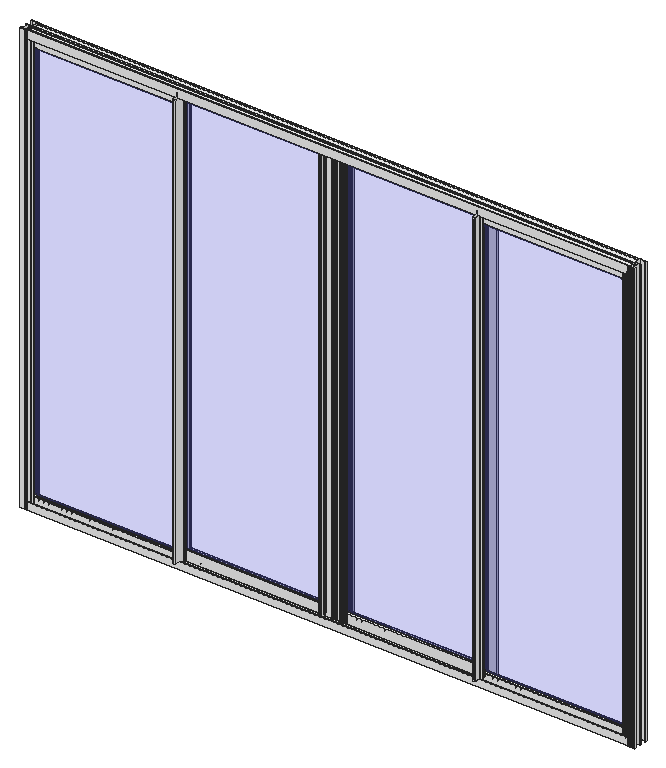
Revit family "700_OXXO_Custom", category Doors, host Wall, Revit 2014
Parameters (values of type "OXXO_Custom")
  Windload Design [instance] = if(Custom Windload < 1001 mm, 1000 mm, if(Custom Windload < 1501 mm, 1500 mm, 2000 mm))  # 1000 mm
  Width Sash Side [instance] = 751.7 mm
  Width Sash Middle [instance] = 751.7 mm
  Width [instance] = if(Custom Door Width < Limit Door Width Min, Limit Door Width Min, if(Custom Door Width > Limit Door Width Max, Limit Door Width Max, Custom Door Width))  # 2990 mm
  Wall Thickness [instance] = 200 mm
  URL = "http://www.crealco.co.za/crealco-products.php"
  Thermal Resistance (R) [instance] = if(and(Custom U Value > 0.5678, 1 / Custom U Value < 36.9087), Custom U Value, if(not(Custom U Value > 0.5678), 1 / 0.5679, 1 / 36.9086)) * 1.0000 (m²·K)/W  # 1.76087 (m²·K)/W
  Solar Heat Gain Coefficient [instance] = if(and(not(Custom SHGC Value < 0), not(Custom SHGC Value > 1)), Custom SHGC Value, if(Custom U Value < 0, 0, 1))  # 0
  Sash Width Middle [instance] = (Width - (20.7 mm * 2) - (2 * Sash Width Sides)) / 2 + 29.1 mm  # 751.7 mm
  Sash Width Sides [instance] = if(Equal Sash Width, (Width - (2 mm * 20.7)) / 4 + (29.1 mm / 2), if(Custom Sash Width Side < Limit Sash Width Side Min, Limit Sash Width Side Min, if(Custom Sash Width Side > Limit Sash Width Side Max, Limit Sash Width Side Max, Custom Sash Width Side)))  # 751.7 mm
  Sash Sliding Frame Seal = 5.1 mm  # constant formula
  Sash Height [instance] = Height - 22.2 mm - 20 mm  # 2047.8 mm
  Sash Frame Top Gap = 16 mm  # constant formula
  Sash Frame Side Gap = 10 mm  # constant formula
  Sash Frame Seal = 1.8 mm  # constant formula
  Overall Width [instance] = 2990 mm
  Overall Height [instance] = 2090 mm
  Model = "Series 700"  # constant formula
  Meeting Stile Configuration [instance] = if(Windload Design = 1000 mm, if(not(Width > 4190 mm), 1 mm, 2 mm), if(Windload Design = 1500 mm, 2 mm, 2 mm))  # 1 mm
  Max Pane Area [instance] = if(Area Middle Sash Glazing > Area Side Sash Glazing, Area Middle Sash Glazing, Area Side Sash Glazing)  # 1.37831 m²
  Manufacturer = "Crealco"  # constant formula
  Limit Door Width Min = (4 * Limit Sash Width Min) + (2 mm * 20.7) - (2 * 29.2 mm)  # 1183 mm
  Limit Door Width Max [instance] = if(Windload Design = 1000 mm, (4 * Limit Sash Width Max) + (2 mm * 20.7) - (2 * 29.2 mm), if(Windload Design = 1500 mm, (4 * Limit Sash Width Max) + (2 mm * 20.7) - (2 * 29.2 mm), 3590 mm))  # 5983 mm
  Limit Door Height Min = Limit Sash Height Min + (22.2 mm + 20 mm)  # 342.2 mm
  Limit Door Height Max = Limit Sash Height Max + (22.2 mm + 20 mm)  # 2142.2 mm
  Limit Sash Width Min = 300 mm  # constant formula
  Limit Sash Width Max = 1500 mm  # constant formula
  Limit Sash Width Side Min [instance] = if((Width - (2 mm * 20.7) - (2 * Limit Sash Width Max) + (2 * 29.2 mm)) / 2 < Limit Sash Width Min, Limit Sash Width Min, (Width - (2 mm * 20.7) - (2 * Limit Sash Width Max) + (2 * 29.2 mm)) / 2)  # 300 mm
  Limit Sash Width Side Max [instance] = if((Width - (2 mm * 20.7) - (2 * Limit Sash Width Min) + (2 * 29.2 mm)) / 2 > Limit Sash Width Max, Limit Sash Width Max, (Width - (2 mm * 20.7) - (2 * Limit Sash Width Min) + (2 mm * 29.2)) / 2)  # 1203.5 mm
  Limit Sash Height Min = 300 mm  # constant formula
  Limit Sash Height Max = 2100 mm  # constant formula
  Keynote = ""
  Interlock Configuration [instance] = if(Windload Design = 1000 mm, if(not(Width > 3990 mm), 2 mm, 3 mm), if(Windload Design = 1500 mm, 3 mm, 3 mm))  # 2 mm
  IGDB or SAGDB Number [instance] = 0
  Height Sash [instance] = 2047.8 mm
  Height [instance] = if(Custom Door Height < Limit Door Height Min, Limit Door Height Min, if(Custom Door Height > Limit Door Height Max, Limit Door Height Max, Custom Door Height))  # 2090 mm
  Heat Transfer Coefficient (U) [instance] = if(and(Custom U Value > 0.5678, Custom U Value < 36.9087), Custom U Value, if(not(Custom U Value > 0.5678), 0.5679, 36.9086)) * 1.0000 W/(m²·K)  # 0.5679 W/(m²·K)
  Glazing Thickness [instance] = if(IGDB or SAGDB Number = 100100, 6 mm, if(IGDB or SAGDB Number = 103200, 7 mm, if(IGDB or SAGDB Number = 1000016, 5 mm, if(not(Max Pane Area > 0.75 m²), 4 mm, if(not(Max Pane Area > 1.50 m²), 4 mm, if(not(Max Pane Area > 2.10 m²), 5 mm, if(not(Max Pane Area > 2.90 m²), 6.4 mm, if(not(Max Pane Area > 4.30 m²), 8 mm, 10 mm))))))))  # 4 mm
  Glazing Material [instance] = if(IGDB or SAGDB Number = 100100, "PFG INTRUDERPRUFE 6.38mm", if(IGDB or SAGDB Number = 103200, "PFG INTRUDERPRUFE LOW-E 7.38mm", if(IGDB or SAGDB Number = 1000016, "PFG TOUGHENED SAFETY GLASS 5mm", "Unknown")))  # "Unknown"
  Glazing Finish [instance] = Glass
  Glazing Code [instance] = if(IGDB or SAGDB Number = 100100, "LAM01", if(IGDB or SAGDB Number = 103200, "LAM01E", if(IGDB or SAGDB Number = 1000016, "TSG5", "Unknown")))  # "Unknown"
  Frame Thickness = 71.9 mm  # constant formula
  Frame Offset From Exterior [instance] = if(Centered In Wall, (Wall Thickness - Frame Thickness) / 2, Custom Frame Offset From Exterior)  # 64.05 mm
  Equal Sash Width [instance] = yes
  Description = "Sliding door, OXXO custom"  # constant formula
  Default Sill Height = 0 mm  # constant formula
  Wall Closure = By host
  Custom U Value [instance] = 0
  Custom SHGC Value [instance] = 0
  Custom Door Width [instance] = 2990 mm
  Custom Door Height [instance] = 2090 mm
  Custom Windload [instance] = 1000 mm
  Custom Sash Width Side [instance] = 800 mm
  Custom Frame Offset From Exterior [instance] = 0 mm
  Centered In Wall [instance] = yes
  Area Middle Sash Glazing [instance] = (Sash Width Middle - 52.3 mm - 19 mm) * (Sash Height - (41.5 mm * 2))  # 1.33685 m²
  Area Side Sash Glazing [instance] = (Sash Width Sides - 31.2 mm - 19 mm) * (Sash Height - (41.5 mm * 2))  # 1.37831 m²
  Aluminium Finish [instance] = White Powder Coated Aluminium ANP 1052
  All Available Glazing Numbers [instance] = "The rows below list the available glazing materials for this window:"  # constant formula
  103200 [instance] = "LAM01E"  # constant formula
  100100 [instance] = "LAM01"  # constant formula
  1000016 [instance] = "TSG5"  # constant formula
Reference planes
  plane 1 "Center (Front/Back)": y = 0
  plane 2 "Center (Left/Right)": x = 0
  plane 3 "Left": x = -1495
  plane 4 "Right": x = 1495
  plane 5 "Sill": z = 0
  plane 6 "Head": z = 2090
  plane 7 "Exterior": y = 100
  plane 8 "Interior": y = -100
Lines and regions (mm)
  Opening 1
    outline origin (3500, -100, 0) x (1, 0, 0) y (0, 0, 1)
      loop
        line (-2005, 0) -> (-2005, 2090) -> (-4995, 2090) -> (-4995, 0) -> (-2005, 0)
Text (mm)
  text "EXTERIOR" at (-1963.203, 1332.353, 0), in view "Ref. Level"
  text "INTERIOR" at (-1981.466, -818.386, 0), in view "Ref. Level"
  text "Exterior" at (0, 923.751, 2943.296), in view "Right"
  text "Exterior" at (0, 1040.484, 2685.409), in view "Left"
Dimensions and locks
  equal spacing: plane 3 "Left", plane 2 "Center (Left/Right)", plane 4 "Right"
  "Width": plane 3 "Left" to plane 4 "Right"
  "Height": plane 5 "Sill" to plane 6 "Head"
  "Default Sill Height": plane 5 "Sill" to level
  locked: plane 7 "Exterior" to host wall at 0
  locked: plane 8 "Interior" to host wall
  "Overall Height": plane 6 "Head" to plane 5 "Sill"
  "Overall Width": plane 3 "Left" to plane 4 "Right"
  "Frame Offset From Exterior": nested 1 to plane 7 "Exterior"
  "Sash Frame Side Gap": nested 1 to nested 2
  "Sash Frame Side Gap": nested 3 to nested 1
  "Sash Frame Seal": nested 1 to nested 3
  "Sash Frame Seal": nested 2 to nested 1
  "Sash Frame Top Gap": nested 3 to nested 1
  "Sash Frame Top Gap": nested 2 to nested 1
  "Sash Sliding Frame Seal": nested 4 to nested 1
  "Sash Frame Top Gap": nested 4 to nested 1
  "Sash Sliding Frame Seal": nested 1 to nested 5
  "Sash Frame Top Gap": nested 5 to nested 1
  "Width Sash Side": nested 3 to nested 3
  "Height Sash": nested 3 to nested 3
  "Width Sash Middle": nested 5 to nested 5
  "Wall Thickness": host wall to host wall
  aligned and locked: plane 4 "Right" to nested 1
  aligned and locked: plane 6 "Head" to nested 1
  aligned and locked: nested 4 to nested 2
  aligned and locked: nested 5 to nested 3
Automatic sketch dimensions
  plane 3 "Left" to Opening 1 sketch curve = 0 mm
  plane 4 "Right" to Opening 1 sketch curve = 0 mm
  Opening 1 sketch curve to plane 5 "Sill" = 0 mm
  Opening 1 sketch curve to plane 6 "Head" = 0 mm
Nested families
  nested 1: "700_Frame_OXXO_Cust" at (1544.802, -120.988, -40) x (-1, 0, 0) z (0, 0, 1), Profile Material <- "Aluminium Finish", Width <- "Width", Height <- "Height", type "700_Frame_OXXO_Cust"
    with Width 2990 mm, Profile Material White Powder Coated Aluminium ANP 1052, Length Jamb 2090 mm, Length Head & Sill 2928 mm, Height 2090 mm
  nested 2: "700_Sash_Fixed_OXXO_Cust" at (-1474.3, -29.7, 20.046) x (-1, 0, 0) z (0, 0, 1), Profile Material <- "Aluminium Finish", Glazing Material <- "Glazing Finish", Interlock Configuration <- "Interlock Configuration", Sash Height <- "Sash Height", Sash Width <- "Sash Width Sides", Glazing Thickness <- "Glazing Thickness", type "700_Sash_Fixed_OXXO_Cust"
    with Sash Width 751.7 mm, Sash Height 2047.8 mm, Right Sliding no, Profile Material White Powder Coated Aluminium ANP 1052, Length Sash Head & Sill 682.9 mm, Length Arrow Tip 65.768 mm, Length Arrow 217.033 mm, Left Sliding no, Is Sliding no, Is Heavy Duty Interlock yes, Is Extra Heavy Duty Interlock no, Interlock Configuration 2 mm, Glazing Width 701.5 mm, Glazing Thickness 4 mm, Glazing Start -2 mm, Glazing Material Glass, Glazing Height 1964.8 mm, Glazing End 2 mm, Extra Heavy Duty Interlock Side Gap 723.7 mm, Arrow Tip Length 65.768 mm, Arrow Left Gap 267.333 mm, Arrow Bottom Gap 1023.9 mm
  nested 3: "700_Sash_Fixed_OXXO_Cust" at (1474.3, -29.7, 20.046), Profile Material <- "Aluminium Finish", Glazing Material <- "Glazing Finish", Interlock Configuration <- "Interlock Configuration", Sash Height <- "Sash Height", Sash Width <- "Sash Width Sides", Glazing Thickness <- "Glazing Thickness", type "700_Sash_Fixed_OXXO_Cust"
    with Sash Width 751.7 mm, Sash Height 2047.8 mm, Right Sliding no, Profile Material White Powder Coated Aluminium ANP 1052, Length Sash Head & Sill 682.9 mm, Length Arrow Tip 65.768 mm, Length Arrow 217.033 mm, Left Sliding no, Is Sliding no, Is Heavy Duty Interlock yes, Is Extra Heavy Duty Interlock no, Interlock Configuration 2 mm, Glazing Width 701.5 mm, Glazing Thickness 4 mm, Glazing Start -2 mm, Glazing Material Glass, Glazing Height 1964.8 mm, Glazing End 2 mm, Extra Heavy Duty Interlock Side Gap 723.7 mm, Arrow Tip Length 65.768 mm, Arrow Left Gap 267.333 mm, Arrow Bottom Gap 1023.9 mm
  nested 4: "700_Sash_Sliding_Female_OXXO_Cust" at (0, 29.45, 20.046), Profile Material <- "Aluminium Finish", Glazing Material <- "Glazing Finish", Meeting Stile Configuration <- "Meeting Stile Configuration", Interlock Configuration <- "Interlock Configuration", Glazing Thickness <- "Glazing Thickness", Sash Width <- "Sash Width Middle", Sash Height <- "Sash Height", type "700_Sash_Sliding_Female_OXXO_Cust"
    with Sash Width 751.7 mm, Sash Height 2047.8 mm, Right Sliding yes, Profile Material White Powder Coated Aluminium ANP 1052, Meeting Stile Configuration 1 mm, Length Sash Head & Sill 663.4 mm, Length Arrow Tip 65.768 mm, Length Arrow 217.033 mm, Left Sliding no, Is Sliding yes, Is Heavy Duty Meeting Stile yes, Is Heavy Duty Interlock yes, Is Extra Heavy Duty Meeting Stile no, Is Extra Heavy Duty Interlock no, Interlock Configuration 2 mm, Glazing Width 680.4 mm, Glazing Thickness 4 mm, Glazing Start -2 mm, Glazing Material Glass, Glazing Height 1964.8 mm, Glazing End 2 mm, Extra Heavy Duty Interlock Side Gap 723.7 mm, Arrow Tip Length 65.768 mm, Arrow Left Gap 267.333 mm, Arrow Bottom Gap 1023.9 mm
  nested 5: "700_Sash_Sliding_Male_OXXO_Cust" at (0, 29.45, 20.046) x (-1, 0, 0) z (0, 0, 1), Profile Material <- "Aluminium Finish", Glazing Material <- "Glazing Finish", Meeting Stile Configuration <- "Meeting Stile Configuration", Interlock Configuration <- "Interlock Configuration", Sash Width <- "Sash Width Middle", Sash Height <- "Sash Height", Glazing Thickness <- "Glazing Thickness", type "700_Sash_Sliding_Male_OXXO_Cust"
    with Sash Width 751.7 mm, Sash Height 2047.8 mm, Right Sliding yes, Profile Material White Powder Coated Aluminium ANP 1052, Meeting Stile Configuration 1 mm, Length Sash Head & Sill 663.4 mm, Length Arrow Tip 65.768 mm, Length Arrow 217.033 mm, Left Sliding no, Is Sliding yes, Is Heavy Duty Meeting Stile yes, Is Heavy Duty Interlock yes, Is Extra Heavy Duty Meeting Stile no, Is Extra Heavy Duty Interlock no, Interlock Configuration 2 mm, Glazing Width 680.4 mm, Glazing Thickness 4 mm, Glazing Start -2 mm, Glazing Material Glass, Glazing Height 1964.8 mm, Glazing End 2 mm, Extra Heavy Duty Interlock Side Gap 723.7 mm, Arrow Tip Length 65.768 mm, Arrow Left Gap 267.333 mm, Arrow Bottom Gap 1023.9 mm
Definition of nested family "700_Frame_OXXO_Cust"
  Parameters (values of type "700_Frame_OXXO")
    Width [instance] = 900 mm
    Profile Material [instance] = none
    Length Jamb [instance] = Height  # 600 mm
    Length Head & Sill [instance] = Width - 2 * 31 mm  # 838 mm
    Height [instance] = 600 mm
  Reference planes
    plane 1 "Center (Front/Back)": y = 0
    plane 2: z = 0
    plane 3 "Center (Left/Right)": x = 0
  Dimensions and locks
    aligned and locked: level to plane 2
    aligned and locked: nested 2 to nested 1
    aligned and locked: nested 1 to nested 2
    aligned and locked: nested 1 to nested 4  (x3)
    aligned and locked: nested 3 to nested 1
    aligned and locked: nested 3 to nested 4  (x2)
    aligned and locked: nested 2 to nested 3
  Nested families
    nested 1: "700_Frame_Sill" at (80.802, -161.631, 34.879), Length Frame Sill <- "Length Head & Sill", Profile Material <- "Profile Material", type "700_Frame_Sill"
      with Profile Material none, Length Frame Sill 838 mm
    nested 2: "700_Reversible_Frame_Jamb" at (912.326, -162.893, 40), Length Reversible Frame Jamb <- "Length Jamb", Profile Material <- "Profile Material", type "700_Reversible_Frame_Jamb"
      with Profile Material none, Length Reversible Frame Jamb 600 mm
    nested 3: "700_Frame_Head" at (80.802, -181.541, 579.794), Length Frame Head <- "Length Head & Sill", Profile Material <- "Profile Material", type "700_Frame_Head"
      with Profile Material none, Length Frame Head 838 mm
    nested 4: "700_Reversible_Frame_Jamb" at (87.279, -162.893, 40) x (-1, 0, 0) z (0, 0, 1), Length Reversible Frame Jamb <- "Length Jamb", Profile Material <- "Profile Material", type "700_Reversible_Frame_Jamb"
      with Profile Material none, Length Reversible Frame Jamb 600 mm
  Definition of nested family "700_Frame_Sill"
    Parameters (values of type "700_Frame_Sill")
      Profile Material [instance] = none
      Length Frame Sill [instance] = 250 mm
    Reference planes
      plane 1 "Center (Front/Back)": y = 0
      plane 2: z = 0
      plane 3 "Center (Left/Right)": x = 0
    Forms (mm)
      Extrusion 1, solid, material <- "Profile Material"
        sketch origin (0, 0, 0) x (0, 1, 0) y (0, 0, 1)
          loop
            line (10.093, 16.234) -> (40.143, 17.595) -> (40.143, 6.521) -> (39.103, 6.521) -> (39.103, 5.121) -> (42.483, 5.121) -> (42.483, 6.521) -> (41.443, 6.521) -> (41.443, 17.654) -> (74.493, 19.151) -> (74.493, 6.521) -> (69.193, 6.521) -> (69.193, 5.121) -> (75.793, 5.121) -> (75.793, 41.121) -> (72.193, 41.121) -> (72.193, 38.671) -> (73.193, 38.671) -> (73.193, 39.571) -> (74.393, 39.571) -> (74.393, 32.671) -> (73.193, 32.671) -> (73.193, 33.571) -> (72.193, 33.571) -> (72.193, 31.121) -> (74.393, 31.121) -> (74.393, 20.348) -> (58.843, 19.644) -> (58.843, 21.621) -> (60.943, 21.621)
            arc (60.943, 21.621) -> (57.943, 24.621) -> (54.943, 21.621) r 3
            line (54.943, 21.621) -> (57.043, 21.621) -> (57.043, 19.562) -> (24.543, 18.09) -> (24.543, 21.621) -> (26.643, 21.621)
            arc (26.643, 21.621) -> (23.643, 24.621) -> (20.643, 21.621) r 3
            line (20.643, 21.621) -> (22.743, 21.621) -> (22.743, 18.008) -> (7.702, 17.327)
            arc (7.702, 17.327) -> (6.44, 16.802) -> (5.81, 15.588) r 2
            line (5.81, 15.588) -> (7.111, 15.588)
            arc (7.111, 15.588) -> (7.346, 15.967) -> (7.761, 16.128) r 0.7
            line (7.761, 16.128) -> (8.793, 16.175) -> (8.793, 5.121) -> (12.393, 5.121) -> (12.393, 6.521) -> (10.093, 6.521) -> (10.093, 16.234)
        from 0 to 250 <- "Length Frame Sill"
    Dimensions and locks
      aligned and locked: level to plane 2
  Definition of nested family "700_Reversible_Frame_Jamb"
    Parameters (values of type "700_Reversible_Frame_Jamb")
      Profile Material [instance] = none
      Length Reversible Frame Jamb [instance] = 250 mm
    Reference planes
      plane 1 "Center (Front/Back)": y = 0
      plane 2: z = 0
      plane 3 "Center (Left/Right)": x = 0
    Forms (mm)
      Extrusion 1, solid, material <- "Profile Material"
        sketch origin (0, 0, 0) x (1, 0, 0) y (0, 1, 0)
          loop
            line (36.076, 13.705) -> (36.076, 7.355) -> (7.676, 7.355) -> (7.676, 41.205) -> (15.976, 41.205)
            arc (15.976, 41.205) -> (16.33, 41.351) -> (16.476, 41.705) r 0.5
            line (16.476, 41.705) -> (16.476, 43.405) -> (26.776, 43.405) -> (26.776, 41.205) -> (36.076, 41.205) -> (36.076, 40.215) -> (37.476, 40.215) -> (37.476, 43.595) -> (36.076, 43.595) -> (36.076, 42.605) -> (27.976, 42.605) -> (27.976, 76.455) -> (36.076, 76.455) -> (36.076, 70.105) -> (37.476, 70.105) -> (37.476, 77.855) -> (5.659, 77.855) -> (5.659, 77.055) -> (6.476, 77.055) -> (6.476, 74.305)
            arc (6.476, 74.305) -> (6.769, 73.598) -> (7.476, 73.305) r 1
            line (7.476, 73.305) -> (8.926, 73.305) -> (8.926, 74.305) -> (8.026, 74.305) -> (8.026, 75.505) -> (9.226, 75.505) -> (9.226, 76.355) -> (13.726, 76.355) -> (13.726, 75.505) -> (14.926, 75.505) -> (14.926, 74.305) -> (14.026, 74.305) -> (14.026, 73.305) -> (16.476, 73.305) -> (16.476, 76.455) -> (26.776, 76.455) -> (26.776, 44.805) -> (14.026, 44.805) -> (14.026, 43.805) -> (14.926, 43.805) -> (14.926, 42.605) -> (8.026, 42.605) -> (8.026, 43.805) -> (8.926, 43.805) -> (8.926, 44.805) -> (7.476, 44.805)
            arc (7.476, 44.805) -> (6.769, 44.512) -> (6.476, 43.805) r 1
            line (6.476, 43.805) -> (6.476, 6.755) -> (5.656, 6.755) -> (5.656, 5.955) -> (37.476, 5.955) -> (37.476, 13.705) -> (36.076, 13.705)
        from 0 to 250 <- "Length Reversible Frame Jamb"
    Dimensions and locks
      aligned and locked: level to plane 2
  Definition of nested family "700_Frame_Head"
    Parameters (values of type "700_Frame_Head")
      Profile Material [instance] = none
      Length Frame Head [instance] = 250 mm
    Reference planes
      plane 1 "Center (Front/Back)": y = 0
      plane 2: z = 0
      plane 3 "Center (Left/Right)": x = 0
    Forms (mm)
      Extrusion 1, solid, material <- "Profile Material"
        sketch origin (0, 0, 0) x (0, 1, 0) y (0, 0, 1)
          loop
            line (60.002, 52.553) -> (60.002, 33.726) -> (57.802, 33.726) -> (57.802, 31.276) -> (58.802, 31.276) -> (58.802, 32.176) -> (60.002, 32.176) -> (60.002, 25.276) -> (58.802, 25.276) -> (58.802, 26.176) -> (57.802, 26.176) -> (57.802, 23.726) -> (63.602, 23.726) -> (63.602, 26.176) -> (62.602, 26.176) -> (62.602, 25.276) -> (61.402, 25.276) -> (61.402, 32.176) -> (62.602, 32.176) -> (62.602, 31.276) -> (63.602, 31.276) -> (63.602, 33.726) -> (61.402, 33.726) -> (61.402, 52.553)
            arc (61.402, 52.553) -> (61.842, 53.613) -> (62.902, 54.053) r 1.5
            line (62.902, 54.053) -> (92.802, 54.053)
            arc (92.802, 54.053) -> (93.863, 53.613) -> (94.302, 52.553) r 1.5
            line (94.302, 52.553) -> (94.302, 33.726) -> (92.102, 33.726) -> (92.102, 31.276) -> (93.102, 31.276) -> (93.102, 32.176) -> (94.302, 32.176) -> (94.302, 25.276) -> (93.102, 25.276) -> (93.102, 26.176) -> (92.102, 26.176) -> (92.102, 23.726) -> (95.702, 23.726) -> (95.702, 60.206) -> (88.902, 60.206) -> (88.902, 58.806) -> (94.302, 58.806) -> (94.302, 55.453) -> (61.402, 55.453) -> (61.402, 58.806) -> (62.392, 58.806) -> (62.392, 60.206) -> (59.012, 60.206) -> (59.012, 58.806) -> (60.002, 58.806) -> (60.002, 55.453) -> (27.102, 55.453) -> (27.102, 58.806) -> (32.502, 58.806) -> (32.502, 60.206) -> (25.702, 60.206) -> (25.702, 23.726) -> (29.302, 23.726) -> (29.302, 26.176) -> (28.302, 26.176) -> (28.302, 25.276) -> (27.102, 25.276) -> (27.102, 32.176) -> (28.302, 32.176) -> (28.302, 31.276) -> (29.302, 31.276) -> (29.302, 33.726) -> (27.102, 33.726) -> (27.102, 52.553)
            arc (27.102, 52.553) -> (27.542, 53.613) -> (28.602, 54.053) r 1.5
            line (28.602, 54.053) -> (58.502, 54.053)
            arc (58.502, 54.053) -> (59.563, 53.613) -> (60.002, 52.553) r 1.5
        from 0 to 250 <- "Length Frame Head"
    Dimensions and locks
      aligned and locked: level to plane 2
Definition of nested family "700_Sash_Fixed_OXXO_Cust"
  Parameters (values of type "700_Sash_OXXO_Fixed")
    Is Heavy Duty Interlock [instance] = if(Interlock Configuration = 2 mm, 1 = 1, 1 = 0)  # yes
    Is Extra Heavy Duty Interlock [instance] = if(Interlock Configuration = 3 mm, 1 = 1, 1 = 0)  # no
    Interlock Configuration [instance] = 2 mm
    Head & Sill Front Back Gap = 0.9 mm  # constant formula
    Sash Width [instance] = 600 mm
    Sash Height [instance] = 600 mm
    Right Sliding [instance] = yes
    Profile Material [instance] = White Powder Coated Aluminium ANP 1052
    Middle of Glazing = 25 mm / 2  # 12.5 mm
    Length Sash Head & Sill [instance] = Sash Width - 28 mm - 40.8 mm  # 531.2 mm
    Length Arrow Tip [instance] = Length Arrow / 3.3  # 50.444 mm
    Length Arrow [instance] = (Sash Width - (2 * 50.3 mm)) / 3  # 166.467 mm
    Left Sliding [instance] = yes
    Is Sliding [instance] = if(or(Right Sliding, Left Sliding), 1 = 1, 1 = 2)  # yes
    Head & Sill Side Gap = 40.8 mm  # constant formula
    Glazing Width [instance] = Sash Width - 31.2 mm - 19 mm  # 549.8 mm
    Glazing Thickness [instance] = 6.4 mm
    Glazing Start [instance] = -Glazing Thickness / 2  # -3.2 mm
    Glazing Material [instance] = Glass
    Glazing Height [instance] = Sash Height - (2 mm * 41.5)  # 517 mm
    Glazing End [instance] = Glazing Thickness / 2  # 3.2 mm
    Glazing Edge Jamb Gap = 31.2 mm  # constant formula
    Glazing Edge Bottom and Top Gap = 41.5 mm  # constant formula
    Extra Heavy Duty Interlock Side Gap [instance] = Sash Width - 28 mm  # 572 mm
    Arrow Tip Length [instance] = if((Sash Height - (2 * 50.3 mm)) / 8 > Length Arrow / 3.3, Length Arrow / 3.3, (Sash Height - (2 * 50.3 mm)) / 8)  # 50.444 mm
    Arrow Tip Angle = 45.00°  # constant formula
    Arrow Left Gap [instance] = (Sash Width - Length Arrow) / 2  # 216.767 mm
    Arrow Bottom Gap [instance] = Sash Height / 2  # 300 mm
  Reference planes
    plane 1 "Center (Front/Back)": y = 0
    plane 2: z = 0
    plane 3 "Center (Left/Right)": x = 0
    plane 4: y = -12.5
  Forms (mm)
    Extrusion 1, solid, material "Glass" <- "Glazing Material"
      sketch origin (-1127.187, -12.5, 1197.5) x (-1, 0, 0) y (0, 0, 1)
        loop
          line (-546.187, -639) -> (-1095.987, -639) -> (-1095.987, -1156) -> (-546.187, -1156) -> (-546.187, -639)
      from -3.2 <- "Glazing Start" to 3.2 <- "Glazing End"
  Lines and regions (mm)
    model lines, visible <- "Is Sliding"
      curve 1: line (-383.233, -15.7, 300) -> (-216.767, -15.7, 300)
    model lines, visible <- "Left Sliding"
      curve 2: line (-216.767, -15.7, 300) -> (-252.436, -15.7, 335.67)
      curve 3: line (-216.767, -15.7, 300) -> (-252.436, -15.7, 264.33)
    model lines, visible <- "Right Sliding"
      curve 4: line (-383.233, -15.7, 300) -> (-347.564, -15.7, 335.67)
      curve 5: line (-383.233, -15.7, 300) -> (-347.564, -15.7, 264.33)
  Dimensions and locks
    "Length Arrow": curve 1 to curve 1
    "Arrow Left Gap": plane 3 "Center (Left/Right)" to curve 1
    "Arrow Bottom Gap": level to curve 1
    "Arrow Tip Length": curve 3 to curve 2
    "Arrow Tip Length": curve 3 to curve 3
    "Length Arrow Tip": curve 5 to curve 5
    "Length Arrow Tip": curve 5 to curve 4
    "Middle of Glazing": plane 4 to plane 1 "Center (Front/Back)"
    "Sash Height": nested 2 to plane 2
    "Head & Sill Side Gap": plane 3 "Center (Left/Right)" to nested 2
    "Head & Sill Side Gap": plane 3 "Center (Left/Right)" to nested 3
    "Sash Width": nested 4 to plane 3 "Center (Left/Right)"
    "Head & Sill Front Back Gap": nested 3 to plane 1 "Center (Front/Back)"
    "Head & Sill Front Back Gap": nested 2 to plane 1 "Center (Front/Back)"
    "Glazing Edge Jamb Gap": Extrusion 1 to plane 3 "Center (Left/Right)"
    "Glazing Width": Extrusion 1 to Extrusion 1
    "Glazing Height": Extrusion 1 to Extrusion 1
    "Glazing Edge Bottom and Top Gap": Extrusion 1 to plane 2
    "Extra Heavy Duty Interlock Side Gap": nested 5 to plane 3 "Center (Left/Right)"
    "Arrow Tip Angle": angle curve 3 to curve 1
    "Arrow Tip Angle": angle curve 1 to curve 2
    "Arrow Tip Angle": angle curve 4 to curve 1
    "Arrow Tip Angle": angle curve 1 to curve 5
    aligned and locked: level to plane 2
    aligned and locked: plane 1 "Center (Front/Back)" to nested 4
    aligned and locked: nested 1 to plane 2
    aligned and locked: plane 3 "Center (Left/Right)" to nested 1
    aligned and locked: nested 3 to level
    aligned and locked: nested 1 to plane 1 "Center (Front/Back)"
    aligned and locked: plane 2 to nested 4
    aligned and locked: plane 1 "Center (Front/Back)" to nested 5
    aligned and locked: plane 2 to nested 5
  Automatic sketch dimensions
    Extrusion 1 sketch curve to plane 3 "Center (Left/Right)" = 31.2 mm
    level to Extrusion 1 sketch curve = 41.5 mm
    Extrusion 1 sketch curve to Extrusion 1 sketch curve = 549.8 mm
    Extrusion 1 sketch curve to Extrusion 1 sketch curve = 517 mm
  Nested families
    nested 1: "700_Fixed_Stile" at (3.94, -31.021, 0) x (0, 1, 0) z (0, 0, 1), Profile Material <- "Profile Material", Length Fixed Stile <- "Sash Height", type "700_Fixed_Stile"
      with Profile Material White Powder Coated Aluminium ANP 1052, Length Fixed Stile 600 mm
    nested 2: "700_Sash_Head_Rail" at (-572, -30.849, 492.975), Profile Material <- "Profile Material", Length Sash Head & Sill Rail <- "Length Sash Head & Sill", type "700_Sash_Head_Rail"
      with Profile Material White Powder Coated Aluminium ANP 1052, Length Sash Head & Sill Rail 531.2 mm
    nested 3: "700_Sash_Sill_Rail" at (-572, -30.849, -7.025), Profile Material <- "Profile Material", Length Sash Head & Sill Rail <- "Length Sash Head & Sill", type "700_Sash_Sill_Rail"
      with Profile Material White Powder Coated Aluminium ANP 1052, Length Sash Head & Sill Rail 531.2 mm
    nested 4: "700_Heavy_Duty_Interlock" at (-604.214, -36.241, 0) x (0, 1, 0) z (0, 0, 1), Profile Material <- "Profile Material", Length Heavu Duty Interlocker <- "Sash Height", visible <- "Is Heavy Duty Interlock", type "700_Heavy_Duty_Interlock"
      with Profile Material White Powder Coated Aluminium ANP 1052, Length Heavu Duty Interlocker 600 mm
    nested 5: "700_Extra_Heavy_Duty_Interlock" at (-566.986, -36.132, 0) x (-1, 0, 0) z (0, 0, 1), Profile Material <- "Profile Material", Length Extra Heavy Duty Interlock <- "Sash Height", visible <- "Is Extra Heavy Duty Interlock", type "700_Extra_Heavy_Duty_Interlock"
      with Profile Material White Powder Coated Aluminium ANP 1052, Length Extra Heavy Duty Interlock 600 mm
  Definition of nested family "700_Fixed_Stile"
    Parameters (values of type "700_Fixed_Stile")
      Profile Material [instance] = none
      Length Fixed Stile [instance] = 250 mm
    Reference planes
      plane 1 "Center (Front/Back)": y = 0
      plane 2: z = 0
      plane 3 "Center (Left/Right)": x = 0
    Forms (mm)
      Extrusion 1, solid, material <- "Profile Material"
        sketch origin (0, 0, 0) x (1, 0, 0) y (0, 1, 0)
          loop
            line (11.229, 43.34) -> (12.338, 39.2)
            arc (12.338, 39.2) -> (12.994, 38.744) -> (13.521, 39.345) r 0.6
            line (13.521, 39.345) -> (13.521, 44.74) -> (6.821, 44.74) -> (6.821, 45.54) -> (6.021, 45.54) -> (6.021, 3.94) -> (7.421, 3.94) -> (7.421, 28.74) -> (29.621, 28.74) -> (29.621, 3.94) -> (31.021, 3.94) -> (31.021, 45.54) -> (30.221, 45.54) -> (30.221, 44.74) -> (23.521, 44.74) -> (23.521, 39.345)
            arc (23.521, 39.345) -> (24.049, 38.744) -> (24.705, 39.2) r 0.6
            line (24.705, 39.2) -> (25.814, 43.34) -> (29.621, 43.34) -> (29.621, 30.14) -> (7.421, 30.14) -> (7.421, 43.34) -> (11.229, 43.34)
        from 0 to 250 <- "Length Fixed Stile"
    Dimensions and locks
      aligned and locked: level to plane 2
  Definition of nested family "700_Sash_Head_Rail"
    Parameters (values of type "700_Sash_Head_Rail")
      Profile Material [instance] = none
      Length Sash Head & Sill Rail [instance] = 250 mm
    Reference planes
      plane 1 "Center (Front/Back)": y = 0
      plane 2: z = 0
      plane 3 "Center (Left/Right)": x = 0
    Forms (mm)
      Extrusion 1, solid, material <- "Profile Material"
        sketch origin (0, 0, 0) x (0, 1, 0) y (0, 0, 1)
          loop
            line (24.799, 62.725) -> (23.399, 62.725) -> (23.399, 57.025) -> (26.819, 57.025)
            arc (26.819, 57.025) -> (27.319, 57.159) -> (27.685, 57.525) r 1
            line (27.685, 57.525) -> (29.949, 61.447) -> (29.949, 107.025) -> (28.549, 107.025) -> (28.549, 71.925) -> (8.249, 71.925) -> (8.249, 107.025) -> (6.849, 107.025) -> (6.849, 61.447) -> (9.114, 57.525)
            arc (9.114, 57.525) -> (9.48, 57.159) -> (9.98, 57.025) r 1
            line (9.98, 57.025) -> (13.399, 57.025) -> (13.399, 62.725) -> (11.999, 62.725) -> (11.999, 58.425) -> (10.209, 58.425) -> (8.249, 61.903) -> (8.249, 70.525) -> (28.549, 70.525) -> (28.509, 61.753) -> (26.588, 58.425) -> (24.799, 58.425) -> (24.799, 62.725)
        from 0 to 250 <- "Length Sash Head & Sill Rail"
    Dimensions and locks
      aligned and locked: level to plane 2
  Definition of nested family "700_Sash_Sill_Rail"
    Parameters (values of type "700_Sash_Sill_Rail")
      Profile Material [instance] = none
      Length Sash Head & Sill Rail [instance] = 250 mm
    Reference planes
      plane 1 "Center (Front/Back)": y = 0
      plane 2: z = 0
      plane 3 "Center (Left/Right)": x = 0
    Forms (mm)
      Extrusion 1, solid, material <- "Profile Material"
        sketch origin (0, 0, 0) x (0, 1, 0) y (0, 0, 1)
          loop
            line (24.799, 51.325) -> (24.799, 55.625) -> (26.588, 55.625) -> (28.509, 52.298) -> (28.549, 43.525) -> (8.249, 43.525) -> (8.249, 52.148) -> (10.209, 55.625) -> (11.999, 55.625) -> (11.999, 51.325) -> (13.399, 51.325) -> (13.399, 57.025) -> (9.98, 57.025)
            arc (9.98, 57.025) -> (9.48, 56.891) -> (9.114, 56.525) r 1
            line (9.114, 56.525) -> (6.849, 52.603) -> (6.849, 7.025) -> (8.249, 7.025) -> (8.249, 42.125) -> (28.549, 42.125) -> (28.549, 7.025) -> (29.949, 7.025) -> (29.949, 52.603) -> (27.685, 56.525)
            arc (27.685, 56.525) -> (27.319, 56.891) -> (26.819, 57.025) r 1
            line (26.819, 57.025) -> (23.399, 57.025) -> (23.399, 51.325) -> (24.799, 51.325)
        from 0 to 250 <- "Length Sash Head & Sill Rail"
    Dimensions and locks
      aligned and locked: level to plane 2
  Definition of nested family "700_Heavy_Duty_Interlock"
    Parameters (values of type "700_Heavy_Duty_Interlock")
      Profile Material [instance] = none
      Length Heavu Duty Interlocker [instance] = 250 mm
    Reference planes
      plane 1 "Center (Front/Back)": y = 0
      plane 2: z = 0
      plane 3 "Center (Left/Right)": x = 0
    Forms (mm)
      Extrusion 1, solid, material <- "Profile Material"
        sketch origin (0, 0, 0) x (1, 0, 0) y (0, 1, 0)
          loop
            line (13.041, 13.614) -> (13.041, 7.114)
            arc (13.041, 7.114) -> (13.481, 6.054) -> (14.541, 5.614) r 1.5
            line (14.541, 5.614) -> (62.241, 5.614) -> (62.241, 16.814) -> (14.841, 16.814) -> (14.841, 13.614) -> (13.041, 13.614)
          loop
            line (14.241, 4.214) -> (63.241, 4.214)
            arc (63.241, 4.214) -> (65.363, 5.093) -> (66.241, 7.214) r 3
            line (66.241, 7.214) -> (66.241, 15.214)
            arc (66.241, 15.214) -> (65.363, 17.336) -> (63.241, 18.214) r 3
            line (63.241, 18.214) -> (36.241, 18.214) -> (36.241, 33.314) -> (35.441, 33.314) -> (35.441, 32.214) -> (28.741, 32.214) -> (28.741, 26.823)
            arc (28.741, 26.823) -> (29.259, 26.22) -> (29.921, 26.659) r 0.6
            line (29.921, 26.659) -> (31.034, 30.814) -> (34.241, 30.814) -> (34.241, 18.214) -> (14.841, 18.214) -> (14.841, 23.914) -> (13.041, 23.914) -> (13.041, 30.814) -> (16.448, 30.814) -> (17.562, 26.659)
            arc (17.562, 26.659) -> (18.224, 26.22) -> (18.741, 26.823) r 0.6
            line (18.741, 26.823) -> (18.741, 32.214) -> (12.041, 32.214) -> (12.041, 33.314) -> (11.241, 33.314) -> (11.241, 21.014) -> (12.241, 21.014) -> (12.241, 22.214) -> (13.441, 22.214) -> (13.441, 15.314) -> (12.241, 15.314) -> (12.241, 16.514) -> (11.241, 16.514) -> (11.241, 11.764) -> (6.241, 11.764)
            arc (6.241, 11.764) -> (5.888, 11.911) -> (5.741, 12.264) r 0.5
            line (5.741, 12.264) -> (5.741, 15.764)
            arc (5.741, 15.764) -> (5.888, 16.118) -> (6.241, 16.264) r 0.5
            line (6.241, 16.264) -> (7.171, 16.264) -> (5.327, 23.885)
            arc (5.327, 23.885) -> (4.781, 24.26) -> (4.341, 23.765) r 0.5
            line (4.341, 23.765) -> (4.341, 11.864)
            arc (4.341, 11.864) -> (4.781, 10.804) -> (5.841, 10.364) r 1.5
            line (5.841, 10.364) -> (11.241, 10.364) -> (11.241, 7.214)
            arc (11.241, 7.214) -> (12.12, 5.093) -> (14.241, 4.214) r 3
        from 0 to 250 <- "Length Heavu Duty Interlocker"
      Extrusion 2, void
        sketch origin (63.241, 18.214, 0) x (1, 0, 0) y (0, 0, 1)
          loop
            line (-27, 250) -> (-27, 235.7) -> (8, 235.7) -> (8, 250) -> (-27, 250)
          loop
            line (-27, 0) -> (3, 0) -> (3, 16) -> (-27, 16) -> (-27, 0)
        from 0 to 250
    Cuts and joins
      Extrusion 2 cuts Extrusion 1
    Dimensions and locks
      locked: Extrusion 2 sketch curve to Extrusion 2 sketch curve at 14.3
      locked: Extrusion 2 sketch curve to Extrusion 2 sketch curve at 16
      aligned and locked: level to plane 2
      aligned and locked: Extrusion 1 to Extrusion 2 sketch curve
      aligned and locked: Extrusion 2 sketch curve to Extrusion 1
      aligned and locked: Extrusion 2 sketch curve to cut or joined group of Extrusion 1, Extrusion 2
      aligned and locked: cut or joined group of Extrusion 1, Extrusion 2 to Extrusion 2 sketch curve
  Definition of nested family "700_Extra_Heavy_Duty_Interlock"
    Parameters (values of type "700_Extra_Heavy_Duty_Interlock")
      Profile Material [instance] = none
      Length Extra Heavy Duty Interlock [instance] = 250 mm
    Reference planes
      plane 1 "Center (Front/Back)": y = 0
      plane 2: z = 0
      plane 3 "Center (Left/Right)": x = 0
    Forms (mm)
      Extrusion 1, solid, material <- "Profile Material"
        sketch origin (0, 0, 0) x (1, 0, 0) y (0, 1, 0)
          loop
            line (6.414, 16.339) -> (10.57, 17.452)
            arc (10.57, 17.452) -> (11.009, 18.114) -> (10.406, 18.631) r 0.6
            line (10.406, 18.631) -> (5.014, 18.631) -> (5.014, 11.932) -> (3.914, 11.932) -> (3.914, 11.132) -> (15.714, 11.132)
            arc (15.714, 11.132) -> (16.214, 11.632) -> (15.714, 12.132) r 0.5
            line (15.714, 12.132) -> (14.914, 12.132) -> (14.914, 13.332) -> (22.014, 13.332) -> (22.014, 12.132) -> (21.214, 12.132)
            arc (21.214, 12.132) -> (20.714, 11.632) -> (21.214, 11.132) r 0.5
            line (21.214, 11.132) -> (24.864, 11.132) -> (24.864, 9.98)
            arc (24.864, 9.98) -> (23.986, 7.858) -> (21.864, 6.98) r 3
            line (21.864, 6.98) -> (20.665, 6.98) -> (13.344, 5.217)
            arc (13.344, 5.217) -> (12.968, 4.671) -> (13.464, 4.232) r 0.5
            line (13.464, 4.232) -> (25.364, 4.232)
            arc (25.364, 4.232) -> (26.425, 4.671) -> (26.864, 5.732) r 1.5
            line (26.864, 5.732) -> (26.864, 11.132) -> (39.914, 11.132)
            arc (39.914, 11.132) -> (42.036, 12.01) -> (42.914, 14.132) r 3
            line (42.914, 14.132) -> (42.914, 63.132)
            arc (42.914, 63.132) -> (42.036, 65.253) -> (39.914, 66.132) r 3
            line (39.914, 66.132) -> (6.914, 66.132)
            arc (6.914, 66.132) -> (4.793, 65.253) -> (3.914, 63.132) r 3
            line (3.914, 63.132) -> (3.914, 35.332) -> (5.014, 35.332) -> (5.014, 28.632) -> (10.406, 28.632)
            arc (10.406, 28.632) -> (11.009, 29.149) -> (10.57, 29.811) r 0.6
            line (10.57, 29.811) -> (6.414, 30.924) -> (6.414, 34.132) -> (19.014, 34.132) -> (19.014, 14.732) -> (13.314, 14.732) -> (13.314, 12.932) -> (6.414, 12.932) -> (6.414, 16.339)
          loop
            line (37.914, 62.132) -> (8.914, 62.132)
            arc (8.914, 62.132) -> (6.793, 61.253) -> (5.914, 59.132) r 3
            line (5.914, 59.132) -> (5.914, 36.132) -> (40.914, 36.132) -> (40.914, 59.132)
            arc (40.914, 59.132) -> (40.036, 61.253) -> (37.914, 62.132) r 3
          loop
            line (23.415, 14.732) -> (37.914, 14.732)
            arc (37.914, 14.732) -> (40.036, 15.61) -> (40.914, 17.732) r 3
            line (40.914, 17.732) -> (40.914, 34.132) -> (20.415, 34.132) -> (20.415, 17.732)
            arc (20.415, 17.732) -> (21.294, 15.61) -> (23.415, 14.732) r 3
        from 0 to 250 <- "Length Extra Heavy Duty Interlock"
      Extrusion 2, void
        sketch origin (3.914, 63.132, 0) x (0, 1, 0) y (0, 0, 1)
          loop
            line (-27.8, 250) -> (-27.8, 235.7) -> (7.2, 235.7) -> (7.2, 250) -> (-27.8, 250)
          loop
            line (-27.8, 0) -> (4.737, 0) -> (4.737, 16) -> (-27.8, 16) -> (-27.8, 0)
        from 0 to 250
    Cuts and joins
      Extrusion 2 cuts Extrusion 1
    Dimensions and locks
      locked: Extrusion 1 to Extrusion 2 sketch curve at 14.3
      locked: Extrusion 2 sketch curve to Extrusion 2 sketch curve at 16
      aligned and locked: level to plane 2
      aligned and locked: Extrusion 2 sketch curve to Extrusion 1  (x2)
      aligned and locked: cut or joined group of Extrusion 1, Extrusion 2 to Extrusion 2 sketch curve  (x2)
Definition of nested family "700_Sash_Sliding_Female_OXXO_Cust"
  Parameters (values of type "700_Sash_OXXO_Sliding_Female")
    Meeting Stile Configuration [instance] = 1 mm
    Is Heavy Duty Meeting Stile [instance] = if(Meeting Stile Configuration = 1 mm, 1 = 1, 1 = 0)  # yes
    Is Heavy Duty Interlock [instance] = if(Interlock Configuration = 2 mm, 1 = 1, 1 = 0)  # yes
    Is Extra Heavy Duty Meeting Stile [instance] = if(Meeting Stile Configuration = 2 mm, 1 = 1, 1 = 0)  # no
    Is Extra Heavy Duty Interlock [instance] = if(Interlock Configuration = 3 mm, 1 = 1, 1 = 0)  # no
    Interlock Configuration [instance] = 2 mm
    Head & Sill Front Back Gap = 0.9 mm  # constant formula
    Sash Width [instance] = 900 mm
    Sash Height [instance] = 1200 mm
    Right Sliding [instance] = yes
    Profile Material [instance] = White Powder Coated Aluminium ANP 1052
    Middle of Glazing = 25 mm / 2  # 12.5 mm
    Length Sash Head & Sill [instance] = Sash Width - 28 mm - 60.3 mm  # 811.7 mm
    Length Arrow Tip [instance] = Length Arrow / 3.3  # 80.747 mm
    Length Arrow [instance] = (Sash Width - (2 * 50.3 mm)) / 3  # 266.467 mm
    Left Sliding [instance] = yes
    Is Sliding [instance] = if(or(Right Sliding, Left Sliding), 1 = 1, 1 = 2)  # yes
    Head & Sill Side Gap = 60.3 mm  # constant formula
    Glazing Width [instance] = Sash Width - 52.3 mm - 19 mm  # 828.7 mm
    Glazing Thickness [instance] = 6.4 mm
    Glazing Start [instance] = -Glazing Thickness / 2  # -3.2 mm
    Glazing Material [instance] = Glass
    Glazing Height [instance] = Sash Height - (2 mm * 41.5)  # 1117 mm
    Glazing End [instance] = Glazing Thickness / 2  # 3.2 mm
    Glazing Edge Jamb Gap = 52.3 mm  # constant formula
    Glazing Edge Bottom and Top Gap = 41.5 mm  # constant formula
    Extra Heavy Duty Interlock Side Gap [instance] = Sash Width - 28 mm  # 872 mm
    Arrow Tip Length [instance] = if((Sash Height - (2 * 50.3 mm)) / 8 > Length Arrow / 3.3, Length Arrow / 3.3, (Sash Height - (2 * 50.3 mm)) / 8)  # 80.747 mm
    Arrow Tip Angle = 45.00°  # constant formula
    Arrow Left Gap [instance] = (Sash Width - Length Arrow) / 2  # 316.767 mm
    Arrow Bottom Gap [instance] = Sash Height / 2  # 600 mm
  Reference planes
    plane 1 "Center (Front/Back)": y = 0
    plane 2: z = 0
    plane 3 "Center (Left/Right)": x = 0
    plane 4: y = -12.5
  Forms (mm)
    Extrusion 1, solid, material "Glass" <- "Glazing Material"
      sketch origin (-1127.187, -12.5, 1197.5) x (-1, 0, 0) y (0, 0, 1)
        loop
          line (-246.187, -39) -> (-1074.887, -39) -> (-1074.887, -1156) -> (-246.187, -1156) -> (-246.187, -39)
      from -3.2 <- "Glazing Start" to 3.2 <- "Glazing End"
  Lines and regions (mm)
    model lines, visible <- "Is Sliding"
      curve 1: line (-583.233, -9.3, 600) -> (-316.767, -9.3, 600)
    model lines, visible <- "Left Sliding"
      curve 2: line (-316.767, -9.3, 600) -> (-373.864, -9.3, 657.097)
      curve 3: line (-316.767, -9.3, 600) -> (-373.864, -9.3, 542.903)
    model lines, visible <- "Right Sliding"
      curve 4: line (-583.233, -9.3, 600) -> (-526.136, -9.3, 657.097)
      curve 5: line (-583.233, -9.3, 600) -> (-526.136, -9.3, 542.903)
  Dimensions and locks
    "Length Arrow": curve 1 to curve 1
    "Arrow Left Gap": plane 3 "Center (Left/Right)" to curve 1
    "Arrow Bottom Gap": level to curve 1
    "Arrow Tip Length": curve 3 to curve 2
    "Arrow Tip Length": curve 3 to curve 3
    "Length Arrow Tip": curve 5 to curve 5
    "Length Arrow Tip": curve 5 to curve 4
    "Middle of Glazing": plane 4 to plane 1 "Center (Front/Back)"
    "Sash Height": nested 1 to plane 2
    "Head & Sill Side Gap": plane 3 "Center (Left/Right)" to nested 1
    "Head & Sill Side Gap": plane 3 "Center (Left/Right)" to nested 2
    "Sash Width": nested 3 to plane 3 "Center (Left/Right)"
    "Head & Sill Front Back Gap": nested 2 to plane 1 "Center (Front/Back)"
    "Head & Sill Front Back Gap": nested 1 to plane 1 "Center (Front/Back)"
    "Glazing Edge Jamb Gap": Extrusion 1 to plane 3 "Center (Left/Right)"
    "Glazing Width": Extrusion 1 to Extrusion 1
    "Glazing Height": Extrusion 1 to Extrusion 1
    "Glazing Edge Bottom and Top Gap": Extrusion 1 to plane 2
    "Extra Heavy Duty Interlock Side Gap": nested 4 to plane 3 "Center (Left/Right)"
    "Arrow Tip Angle": angle curve 3 to curve 1
    "Arrow Tip Angle": angle curve 1 to curve 2
    "Arrow Tip Angle": angle curve 4 to curve 1
    "Arrow Tip Angle": angle curve 1 to curve 5
    aligned and locked: level to plane 2
    aligned and locked: plane 1 "Center (Front/Back)" to nested 3
    aligned and locked: nested 2 to level
    aligned and locked: plane 2 to nested 3
    aligned and locked: plane 1 "Center (Front/Back)" to nested 4
    aligned and locked: plane 2 to nested 4
    aligned and locked: plane 3 "Center (Left/Right)" to nested 5
    aligned and locked: nested 5 to plane 1 "Center (Front/Back)"
    aligned and locked: nested 5 to plane 2
    aligned and locked: plane 3 "Center (Left/Right)" to nested 6
    aligned and locked: nested 6 to plane 1 "Center (Front/Back)"
    aligned and locked: nested 6 to plane 2
  Automatic sketch dimensions
    Extrusion 1 sketch curve to plane 3 "Center (Left/Right)" = 52.3 mm
    level to Extrusion 1 sketch curve = 41.5 mm
    Extrusion 1 sketch curve to Extrusion 1 sketch curve = 828.7 mm
    Extrusion 1 sketch curve to Extrusion 1 sketch curve = 1117 mm
  Nested families
    nested 1: "700_Sash_Head_Rail" at (-872, -30.849, 1092.975), Profile Material <- "Profile Material", Length Sash Head & Sill Rail <- "Length Sash Head & Sill", type "700_Sash_Head_Rail"
      with Profile Material White Powder Coated Aluminium ANP 1052, Length Sash Head & Sill Rail 811.7 mm
    nested 2: "700_Sash_Sill_Rail" at (-872, -30.849, -7.025), Profile Material <- "Profile Material", Length Sash Head & Sill Rail <- "Length Sash Head & Sill", type "700_Sash_Sill_Rail"
      with Profile Material White Powder Coated Aluminium ANP 1052, Length Sash Head & Sill Rail 811.7 mm
    nested 3: "700_Heavy_Duty_Interlock" at (-904.214, -36.241, 0) x (0, 1, 0) z (0, 0, 1), Profile Material <- "Profile Material", Length Heavu Duty Interlocker <- "Sash Height", visible <- "Is Heavy Duty Interlock", type "700_Heavy_Duty_Interlock"
      with Profile Material White Powder Coated Aluminium ANP 1052, Length Heavu Duty Interlocker 1200 mm
    nested 4: "700_Extra_Heavy_Duty_Interlock" at (-866.986, -36.132, 0) x (-1, 0, 0) z (0, 0, 1), Profile Material <- "Profile Material", Length Extra Heavy Duty Interlock <- "Sash Height", visible <- "Is Extra Heavy Duty Interlock", type "700_Extra_Heavy_Duty_Interlock"
      with Profile Material White Powder Coated Aluminium ANP 1052, Length Extra Heavy Duty Interlock 1200 mm
    nested 5: "700_Heavy_Duty_Female_Meeting_Stile" at (-67.792, -50.839, 0), Length Heavy Duty Female Meeting Stile <- "Sash Height", Profile Material <- "Profile Material", visible <- "Is Heavy Duty Meeting Stile", type "700_Heavy_Duty_Female_Meeting_Stile"
      with Profile Material White Powder Coated Aluminium ANP 1052, Length Heavy Duty Female Meeting Stile 1200 mm
    nested 6: "700_Extra_Heavy_Duty_Female_Meeting_Stile" at (-65.377, -50.376, 0), visible <- "Is Extra Heavy Duty Meeting Stile", Profile Material <- "Profile Material", Length Extra Heavy Duty Female Meeting Stile <- "Sash Height", type "700_Extra_Heavy_Duty_Female_Meeting_Stile"
      with Profile Material White Powder Coated Aluminium ANP 1052, Length Extra Heavy Duty Female Meeting Stile 1200 mm
  Definition of nested family "700_Sash_Head_Rail"
    Parameters (values of type "700_Sash_Head_Rail")
      Profile Material [instance] = none
      Length Sash Head & Sill Rail [instance] = 250 mm
    Reference planes
      plane 1 "Center (Front/Back)": y = 0
      plane 2: z = 0
      plane 3 "Center (Left/Right)": x = 0
    Forms (mm)
      Extrusion 1, solid, material <- "Profile Material"
        sketch origin (0, 0, 0) x (0, 1, 0) y (0, 0, 1)
          loop
            line (24.799, 62.725) -> (23.399, 62.725) -> (23.399, 57.025) -> (26.819, 57.025)
            arc (26.819, 57.025) -> (27.319, 57.159) -> (27.685, 57.525) r 1
            line (27.685, 57.525) -> (29.949, 61.447) -> (29.949, 107.025) -> (28.549, 107.025) -> (28.549, 71.925) -> (8.249, 71.925) -> (8.249, 107.025) -> (6.849, 107.025) -> (6.849, 61.447) -> (9.114, 57.525)
            arc (9.114, 57.525) -> (9.48, 57.159) -> (9.98, 57.025) r 1
            line (9.98, 57.025) -> (13.399, 57.025) -> (13.399, 62.725) -> (11.999, 62.725) -> (11.999, 58.425) -> (10.209, 58.425) -> (8.249, 61.903) -> (8.249, 70.525) -> (28.549, 70.525) -> (28.509, 61.753) -> (26.588, 58.425) -> (24.799, 58.425) -> (24.799, 62.725)
        from 0 to 250 <- "Length Sash Head & Sill Rail"
    Dimensions and locks
      aligned and locked: level to plane 2
  Definition of nested family "700_Sash_Sill_Rail"
    Parameters (values of type "700_Sash_Sill_Rail")
      Profile Material [instance] = none
      Length Sash Head & Sill Rail [instance] = 250 mm
    Reference planes
      plane 1 "Center (Front/Back)": y = 0
      plane 2: z = 0
      plane 3 "Center (Left/Right)": x = 0
    Forms (mm)
      Extrusion 1, solid, material <- "Profile Material"
        sketch origin (0, 0, 0) x (0, 1, 0) y (0, 0, 1)
          loop
            line (24.799, 51.325) -> (24.799, 55.625) -> (26.588, 55.625) -> (28.509, 52.298) -> (28.549, 43.525) -> (8.249, 43.525) -> (8.249, 52.148) -> (10.209, 55.625) -> (11.999, 55.625) -> (11.999, 51.325) -> (13.399, 51.325) -> (13.399, 57.025) -> (9.98, 57.025)
            arc (9.98, 57.025) -> (9.48, 56.891) -> (9.114, 56.525) r 1
            line (9.114, 56.525) -> (6.849, 52.603) -> (6.849, 7.025) -> (8.249, 7.025) -> (8.249, 42.125) -> (28.549, 42.125) -> (28.549, 7.025) -> (29.949, 7.025) -> (29.949, 52.603) -> (27.685, 56.525)
            arc (27.685, 56.525) -> (27.319, 56.891) -> (26.819, 57.025) r 1
            line (26.819, 57.025) -> (23.399, 57.025) -> (23.399, 51.325) -> (24.799, 51.325)
        from 0 to 250 <- "Length Sash Head & Sill Rail"
    Dimensions and locks
      aligned and locked: level to plane 2
  Definition of nested family "700_Heavy_Duty_Interlock"
    Parameters (values of type "700_Heavy_Duty_Interlock")
      Profile Material [instance] = none
      Length Heavu Duty Interlocker [instance] = 250 mm
    Reference planes
      plane 1 "Center (Front/Back)": y = 0
      plane 2: z = 0
      plane 3 "Center (Left/Right)": x = 0
    Forms (mm)
      Extrusion 1, solid, material <- "Profile Material"
        sketch origin (0, 0, 0) x (1, 0, 0) y (0, 1, 0)
          loop
            line (13.041, 13.614) -> (13.041, 7.114)
            arc (13.041, 7.114) -> (13.481, 6.054) -> (14.541, 5.614) r 1.5
            line (14.541, 5.614) -> (62.241, 5.614) -> (62.241, 16.814) -> (14.841, 16.814) -> (14.841, 13.614) -> (13.041, 13.614)
          loop
            line (14.241, 4.214) -> (63.241, 4.214)
            arc (63.241, 4.214) -> (65.363, 5.093) -> (66.241, 7.214) r 3
            line (66.241, 7.214) -> (66.241, 15.214)
            arc (66.241, 15.214) -> (65.363, 17.336) -> (63.241, 18.214) r 3
            line (63.241, 18.214) -> (36.241, 18.214) -> (36.241, 33.314) -> (35.441, 33.314) -> (35.441, 32.214) -> (28.741, 32.214) -> (28.741, 26.823)
            arc (28.741, 26.823) -> (29.259, 26.22) -> (29.921, 26.659) r 0.6
            line (29.921, 26.659) -> (31.034, 30.814) -> (34.241, 30.814) -> (34.241, 18.214) -> (14.841, 18.214) -> (14.841, 23.914) -> (13.041, 23.914) -> (13.041, 30.814) -> (16.448, 30.814) -> (17.562, 26.659)
            arc (17.562, 26.659) -> (18.224, 26.22) -> (18.741, 26.823) r 0.6
            line (18.741, 26.823) -> (18.741, 32.214) -> (12.041, 32.214) -> (12.041, 33.314) -> (11.241, 33.314) -> (11.241, 21.014) -> (12.241, 21.014) -> (12.241, 22.214) -> (13.441, 22.214) -> (13.441, 15.314) -> (12.241, 15.314) -> (12.241, 16.514) -> (11.241, 16.514) -> (11.241, 11.764) -> (6.241, 11.764)
            arc (6.241, 11.764) -> (5.888, 11.911) -> (5.741, 12.264) r 0.5
            line (5.741, 12.264) -> (5.741, 15.764)
            arc (5.741, 15.764) -> (5.888, 16.118) -> (6.241, 16.264) r 0.5
            line (6.241, 16.264) -> (7.171, 16.264) -> (5.327, 23.885)
            arc (5.327, 23.885) -> (4.781, 24.26) -> (4.341, 23.765) r 0.5
            line (4.341, 23.765) -> (4.341, 11.864)
            arc (4.341, 11.864) -> (4.781, 10.804) -> (5.841, 10.364) r 1.5
            line (5.841, 10.364) -> (11.241, 10.364) -> (11.241, 7.214)
            arc (11.241, 7.214) -> (12.12, 5.093) -> (14.241, 4.214) r 3
        from 0 to 250 <- "Length Heavu Duty Interlocker"
      Extrusion 2, void
        sketch origin (63.241, 18.214, 0) x (1, 0, 0) y (0, 0, 1)
          loop
            line (-27, 250) -> (-27, 235.7) -> (8, 235.7) -> (8, 250) -> (-27, 250)
        from 0 to 250
    Cuts and joins
      Extrusion 2 cuts Extrusion 1
    Dimensions and locks
      locked: Extrusion 2 sketch curve to Extrusion 2 sketch curve at 14.3
      aligned and locked: level to plane 2
      aligned and locked: Extrusion 1 to Extrusion 2 sketch curve
      aligned and locked: Extrusion 2 sketch curve to Extrusion 1
  Definition of nested family "700_Extra_Heavy_Duty_Interlock"
    Parameters (values of type "700_Extra_Heavy_Duty_Interlock")
      Profile Material [instance] = none
      Length Extra Heavy Duty Interlock [instance] = 250 mm
    Reference planes
      plane 1 "Center (Front/Back)": y = 0
      plane 2: z = 0
      plane 3 "Center (Left/Right)": x = 0
    Forms (mm)
      Extrusion 1, solid, material <- "Profile Material"
        sketch origin (0, 0, 0) x (1, 0, 0) y (0, 1, 0)
          loop
            line (6.414, 16.339) -> (10.57, 17.452)
            arc (10.57, 17.452) -> (11.009, 18.114) -> (10.406, 18.631) r 0.6
            line (10.406, 18.631) -> (5.014, 18.631) -> (5.014, 11.932) -> (3.914, 11.932) -> (3.914, 11.132) -> (15.714, 11.132)
            arc (15.714, 11.132) -> (16.214, 11.632) -> (15.714, 12.132) r 0.5
            line (15.714, 12.132) -> (14.914, 12.132) -> (14.914, 13.332) -> (22.014, 13.332) -> (22.014, 12.132) -> (21.214, 12.132)
            arc (21.214, 12.132) -> (20.714, 11.632) -> (21.214, 11.132) r 0.5
            line (21.214, 11.132) -> (24.864, 11.132) -> (24.864, 9.98)
            arc (24.864, 9.98) -> (23.986, 7.858) -> (21.864, 6.98) r 3
            line (21.864, 6.98) -> (20.665, 6.98) -> (13.344, 5.217)
            arc (13.344, 5.217) -> (12.968, 4.671) -> (13.464, 4.232) r 0.5
            line (13.464, 4.232) -> (25.364, 4.232)
            arc (25.364, 4.232) -> (26.425, 4.671) -> (26.864, 5.732) r 1.5
            line (26.864, 5.732) -> (26.864, 11.132) -> (39.914, 11.132)
            arc (39.914, 11.132) -> (42.036, 12.01) -> (42.914, 14.132) r 3
            line (42.914, 14.132) -> (42.914, 63.132)
            arc (42.914, 63.132) -> (42.036, 65.253) -> (39.914, 66.132) r 3
            line (39.914, 66.132) -> (6.914, 66.132)
            arc (6.914, 66.132) -> (4.793, 65.253) -> (3.914, 63.132) r 3
            line (3.914, 63.132) -> (3.914, 35.332) -> (5.014, 35.332) -> (5.014, 28.632) -> (10.406, 28.632)
            arc (10.406, 28.632) -> (11.009, 29.149) -> (10.57, 29.811) r 0.6
            line (10.57, 29.811) -> (6.414, 30.924) -> (6.414, 34.132) -> (19.014, 34.132) -> (19.014, 14.732) -> (13.314, 14.732) -> (13.314, 12.932) -> (6.414, 12.932) -> (6.414, 16.339)
          loop
            line (37.914, 62.132) -> (8.914, 62.132)
            arc (8.914, 62.132) -> (6.793, 61.253) -> (5.914, 59.132) r 3
            line (5.914, 59.132) -> (5.914, 36.132) -> (40.914, 36.132) -> (40.914, 59.132)
            arc (40.914, 59.132) -> (40.036, 61.253) -> (37.914, 62.132) r 3
          loop
            line (23.415, 14.732) -> (37.914, 14.732)
            arc (37.914, 14.732) -> (40.036, 15.61) -> (40.914, 17.732) r 3
            line (40.914, 17.732) -> (40.914, 34.132) -> (20.415, 34.132) -> (20.415, 17.732)
            arc (20.415, 17.732) -> (21.294, 15.61) -> (23.415, 14.732) r 3
        from 0 to 250 <- "Length Extra Heavy Duty Interlock"
      Extrusion 2, void
        sketch origin (3.914, 63.132, 0) x (0, 1, 0) y (0, 0, 1)
          loop
            line (-27.8, 250) -> (-27.8, 235.7) -> (7.2, 235.7) -> (7.2, 250) -> (-27.8, 250)
        from 0 to 250
    Cuts and joins
      Extrusion 2 cuts Extrusion 1
    Dimensions and locks
      locked: Extrusion 1 to Extrusion 2 sketch curve at 14.3
      aligned and locked: level to plane 2
      aligned and locked: Extrusion 2 sketch curve to Extrusion 1  (x2)
  Definition of nested family "700_Heavy_Duty_Female_Meeting_Stile"
    Parameters (values of type "700_Heavy_Duty_Female_Meeting_Stile")
      Profile Material [instance] = none
      Length Heavy Duty Female Meeting Stile [instance] = 250 mm
    Reference planes
      plane 1 "Center (Front/Back)": y = 0
      plane 2: z = 0
      plane 3 "Center (Left/Right)": x = 0
    Forms (mm)
      Extrusion 1, solid, material <- "Profile Material"
        sketch origin (0, 0, 0) x (1, 0, 0) y (0, 1, 0)
          loop
            line (67.792, 50.839) -> (25.292, 50.839)
            arc (25.292, 50.839) -> (23.171, 51.717) -> (22.292, 53.839) r 3
            line (22.292, 53.839) -> (22.292, 70.339)
            arc (22.292, 70.339) -> (21.413, 72.46) -> (19.292, 73.339) r 3
            line (19.292, 73.339) -> (13.292, 73.339)
            arc (13.292, 73.339) -> (11.097, 72.383) -> (10.3, 70.126) r 3
            arc (10.3, 70.126) -> (10.409, 69.717) -> (10.792, 69.539) r 0.5
            line (10.792, 69.539) -> (13.592, 69.539)
            arc (13.592, 69.539) -> (13.946, 69.685) -> (14.092, 70.039) r 0.5
            arc (14.092, 70.039) -> (14.531, 71.099) -> (15.592, 71.539) r 1.5
            line (15.592, 71.539) -> (18.992, 71.539)
            arc (18.992, 71.539) -> (20.053, 71.099) -> (20.492, 70.039) r 1.5
            line (20.492, 70.039) -> (20.492, 53.839)
            arc (20.492, 53.839) -> (19.613, 51.717) -> (17.492, 50.839) r 3
            line (17.492, 50.839) -> (6.392, 50.839) -> (6.392, 50.039) -> (7.492, 50.039) -> (7.492, 43.339) -> (12.876, 43.339)
            arc (12.876, 43.339) -> (13.487, 43.858) -> (13.036, 44.521) r 0.6
            line (13.036, 44.521) -> (8.892, 45.632) -> (8.892, 49.439) -> (20.492, 49.439) -> (20.492, 27.239) -> (8.892, 27.239) -> (8.892, 31.046) -> (13.036, 32.156)
            arc (13.036, 32.156) -> (13.487, 32.819) -> (12.876, 33.339) r 0.6
            line (12.876, 33.339) -> (7.492, 33.339) -> (7.492, 26.639) -> (6.392, 26.639) -> (6.392, 25.839) -> (17.492, 25.839)
            arc (17.492, 25.839) -> (19.613, 24.96) -> (20.492, 22.839) r 3
            line (20.492, 22.839) -> (20.492, 6.639)
            arc (20.492, 6.639) -> (20.053, 5.578) -> (18.992, 5.139) r 1.5
            line (18.992, 5.139) -> (15.592, 5.139)
            arc (15.592, 5.139) -> (14.531, 5.578) -> (14.092, 6.639) r 1.5
            arc (14.092, 6.639) -> (13.946, 6.992) -> (13.592, 7.139) r 0.5
            line (13.592, 7.139) -> (10.792, 7.139)
            arc (10.792, 7.139) -> (10.409, 6.96) -> (10.3, 6.552) r 0.5
            arc (10.3, 6.552) -> (11.097, 4.294) -> (13.292, 3.339) r 3
            line (13.292, 3.339) -> (19.292, 3.339)
            arc (19.292, 3.339) -> (21.413, 4.217) -> (22.292, 6.339) r 3
            line (22.292, 6.339) -> (22.292, 22.839)
            arc (22.292, 22.839) -> (23.171, 24.96) -> (25.292, 25.839) r 3
            line (25.292, 25.839) -> (67.792, 25.839) -> (67.792, 27.239) -> (54.792, 27.239) -> (54.792, 49.439) -> (67.792, 49.439) -> (67.792, 50.839)
          loop
            line (21.892, 27.239) -> (53.292, 27.239) -> (53.292, 49.439) -> (21.892, 49.439) -> (21.892, 27.239)
        from 0 to 250 <- "Length Heavy Duty Female Meeting Stile"
      Extrusion 2, void
        sketch origin (0, 0, 250) x (0, 1, 0) y (1, 0, 0)
          loop
            line (50.839, 29.236) -> (50.839, 3.089) -> (78.749, 3.089) -> (78.749, 29.236) -> (50.839, 29.236)
